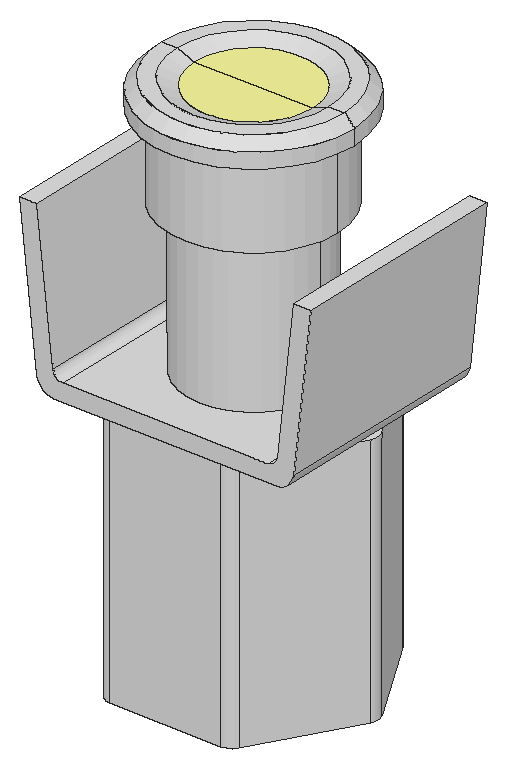
Revit family "0041776", category Lighting Fixtures, host Face, Revit 2017
Family settings
  Host = Face
  Round Connector Dimension = Use Diameter
  Part Type = Normal
  OmniClass Number = 23.80.70.00
  OmniClass Title = Lighting
  Cut with Voids When Loaded = No
  Light Source = Yes
  Shared = No
  Room Calculation Point = No
Parameters (values of type "0041776 SYLSAFE XSPOT OA R EM3 NM DA")
  Weight = "8.0 kg"
  Wattage Comments = ""
  Wattage = 9.2903 W
  WarrantyStartDate [instance] = "n/a"
  WarrantyGuarantorParts = "n/a"
  WarrantyDurationUnit = "n/a"
  WarrantyDurationParts = "n/a"
  WarrantyDescription = "n/a"
  WallThickness_SYL = 5 mm
  built-in parameter 1150110 = 1 (stored number, unit not read)
  Voltage = 0 V
  UnderTheWall1_SYL = 5 mm
  URL = "http://www.sylvania-lighting.com"
  TypeName = "SylSafe XSpot OA R EM3 NM DA"
  Type Image = <None>
  Type Comments = "n/a"
  built-in parameter 1114217 = 1 (stored number, unit not read)
  Tilt Angle = -90.00°
  Thread_SYL = 4 mm
  built-in parameter 1150109 = 1 (stored number, unit not read)
  built-in parameter 1150134 = 3
  built-in parameter 1150113 = 1 (stored number, unit not read)
  SerialNumber [instance] = "n/a"
  R_SYL = 6 mm
  R1_SYL = 5 mm
  Photometric Web File = "0041776.ies"
  OverTheWall_SYL = 1.5 mm
  OverTheWall2_SYL = 20 mm
  Material_3_SYL = Lighting_SYL
  PowerFactor = 0.45
  PowerConsumption = "2.8 W"
  NominalLength = 12 mm
  NominalHeight = 26.5 mm
  NominalDepth = 12 mm
  Name = "SylSafe XSpot OA R EM3 NM DA"
  ModelReference = Name  # "SylSafe XSpot OA R EM3 NM DA"
  ModelNumber = "0041776"
  Model = Name  # "SylSafe XSpot OA R EM3 NM DA"
  Material = "n/a"
  ManufacturerName = "Feilo Sylvania"
  Manufacturer = "Feilo Sylvania"
  LuminousEfficacy = "29 lm/W"
  built-in parameter 1150105 = 109.82 (stored number, unit not read)
  Lumens = 1380 lm
  LuminaireType = ""
  built-in parameter 1150115 = 1 (stored number, unit not read)
  LightOutputRatio = "n/a"
  built-in parameter 1150137 = (empty or 0)
  built-in parameter 1150139 = (empty or 0)
  LampsType = Lamp  # "LED"
  LampW_SYL = 3.5 mm
  LampW1_SYL = 4.5 mm
  LampNominalLuminous = "80 lm"
  LampMacAdamStep = "n/a"
  LampH_SYL = 1.1 mm
  LampColourTemperature = "5700 K"
  LampColourRenderingIndex = "70"
  built-in parameter 1150112 = 1 (stored number, unit not read)
  built-in parameter 1150114 = 1 (stored number, unit not read)
  Lamp = "LED"
  Keynote = "16500"
  InstallationDate [instance] = "n/a"
  InputVoltage = "n/a"
  InputNominalFrequency = "n/a"
  built-in parameter 1150132 = (empty or 0)
  built-in parameter 1150102 = (empty or 0)
  built-in parameter 1150107 = 3200 (stored number, unit not read)
  built-in parameter 1150138 = (empty or 0)
  IngressProtection = "IP20"
  ImpactProtectionIndex = "IK03"
  built-in parameter 1150106 = 1.0982 (stored number, unit not read)
  IfcExportType = "IfcLightFixtureType"
  IfcExportAs = "IfcLightFixtureType"
  FrameWidth_SYL = 8.6 mm
  FrameThickness_SYL = 1 mm
  FrameH_SYL = 10 mm
  FixingThread_SYL = 4 mm
  FixingThickness_SYL = 6.5 mm
  FixingStart_SYL = -(WallThickness_SYL + FrameH_SYL)  # -15 mm
  FixingEnd_SYL = FixingStart_SYL - 15 mm  # -30 mm
  Emit from Line Length = 609.6 mm
  ElectricShockClassification = "Class II"
  built-in parameter 1150104 = 13.8 (stored number, unit not read)
  DocumentationLiterature = "http://www.sylvania-lighting.com/product/en-int/products/0041776"
  DimmingControlOptions = "n/a"
  Material_2_SYL = Lighting_SYL
  Dimming Lamp Color Temperature Shift = <None>
  Description = "SylSafe XSpot OA R EM3 NM DA is a miniature emergency recessed spotlight with small form factor - cut-out diameter: 10mm. Non-maintained 3 hr emergency duration with NiMH rechargeable battery. Recharge period 24 hours. Self testing with DALI monitoring capability. Quick and easy installation with driver module and battery pack contained in articulated case that can placed near the luminaire. Suitable for sheet metal installation. 80lm, 2.8W, IK03, IP20. Power Factor 0.45. Class II electrical construction."
  Default Elevation = 1219.2 mm
  CreatedOn = "2/13/2020"
  CreatedBy = "@sylvania-lighting.com"
  Cost = 0
  Color Filter = 16777215
  built-in parameter 1114216 [instance] = (empty or 0)
  ClassificationValue = "EF_70_80"
  ClassificationName = "Uniclass2015"
  Material_1_SYL = Lighting_SYL
  Chamfer_SYL = 0.6 mm
  BarCode [instance] = "n/a"
  built-in parameter 1114218 = 1 (stored number, unit not read)
  built-in parameter 1150133 = 10 (stored number, unit not read)
  AssetType = "Fixed"
  AssetIdentifier [instance] = "n/a"
  Assembly Code = "D5020200"
  Apparent Load = 2.8 VA
  Material_4_SYL = LEDLamp_SYL
Reference planes
  plane 1 "Center (Front/Back)": y = 0
  plane 2: z = 0
  plane 3 "Center (Left/Right)": x = 0
  plane 4: x = -6
  plane 5: x = -5
  plane 6: x = -5.4
  plane 7: x = -4
  plane 8: z = 1.5
  plane 9: z = 0.9
  plane 10: z = -5
  plane 11: z = -20
  plane 12: z = 1.1
  plane 13: x = -3.5
  plane 14: x = -4.5
  plane 15: z = 0
  plane 16: z = 0
  plane 17: z = 0
  plane 18: z = 0
  plane 19: z = 0
  plane 20: z = 0
  plane 21: z = 0
  plane 22: y = 6.5
  plane 23: y = -6.5
  plane 24: y = 4
  plane 25: z = -5
  plane 26: z = -15
  plane 27: z = -14
  plane 28: x = -8.6
  plane 29: x = -7.6
  plane 30: x = -6.6
Forms (mm)
  Revolve 1, solid, material "Lighting_SYL" <- "Material_3_SYL"
    sketch origin (0, 0, 0) x (1, 0, 0) y (0, 0, 1)
      loop
        line (0, 1.1) -> (-3.5, 1.1) -> (-4.5, 1.5) -> (-5.4, 1.5) -> (-6, 0.9) -> (-6, 0) -> (-5, 0) -> (-5, -5) -> (-4, -5) -> (-4, -20) -> (0, -20) -> (0, 1.1)
      axis (0, 1.5) -> (0, -20)
    angle from 360 to 0
  Extrusion 2, solid, material "Lighting_SYL" <- "Material_1_SYL"
    sketch origin (0, 0, 0) x (1, 0, 0) y (0, 1, 0)
      loop
        line (7.299, 0.4) -> (3.996, 6.1)
        arc (3.996, 6.1) -> (3.703, 6.393) -> (3.303, 6.5) r 0.8
        line (3.303, 6.5) -> (-3.303, 6.5)
        arc (-3.303, 6.5) -> (-3.703, 6.393) -> (-3.996, 6.1) r 0.8
        line (-3.996, 6.1) -> (-7.299, 0.4)
        arc (-7.299, 0.4) -> (-7.406, 0) -> (-7.299, -0.4) r 0.8
        line (-7.299, -0.4) -> (-3.996, -6.1)
        arc (-3.996, -6.1) -> (-3.703, -6.393) -> (-3.303, -6.5) r 0.8
        line (-3.303, -6.5) -> (3.303, -6.5)
        arc (3.303, -6.5) -> (3.703, -6.393) -> (3.996, -6.1) r 0.8
        line (3.996, -6.1) -> (7.299, -0.4)
        arc (7.299, -0.4) -> (7.406, 0) -> (7.299, 0.4) r 0.8
      loop
        circle (0, 0) r 4
    from -30 <- "FixingEnd_SYL" to -15 <- "FixingStart_SYL"
  Extrusion 3, solid, material "Lighting_SYL" <- "Material_2_SYL"
    sketch origin (0, 0, 0) x (1, 0, 0) y (0, 0, 1)
      loop
        line (-8.6, -5) -> (-7.588, -14.11)
        arc (-7.588, -14.11) -> (-7.261, -14.745) -> (-6.594, -15) r 1
        line (-6.594, -15) -> (0, -15) -> (0, -14) -> (-6.063, -14)
        arc (-6.063, -14) -> (-6.463, -13.847) -> (-6.659, -13.466) r 0.6
        line (-6.659, -13.466) -> (-7.6, -5) -> (-8.6, -5)
    from -6.521 to 6.521
  Extrusion 4, solid, material "Lighting_SYL" <- "Material_2_SYL"
    sketch origin (0, 0, 0) x (-1, 0, 0) y (0, 0, -1)
      loop
        line (-8.6, 5) -> (-7.6, 5) -> (-6.659, 13.466)
        arc (-6.659, 13.466) -> (-6.463, 13.847) -> (-6.063, 14) r 0.6
        line (-6.063, 14) -> (0, 14) -> (0, 15) -> (-6.594, 15)
        arc (-6.594, 15) -> (-7.261, 14.745) -> (-7.588, 14.11) r 1
        line (-7.588, 14.11) -> (-8.6, 5)
    from -6.521 to 6.521
Cuts and joins
  joined: Extrusion 3, Extrusion 4
Lines and regions (mm)
  reference lines
    curve 1: line (-8.6, 0, -5) -> (-7.6, 0, -14)
    curve 2: line (-7.6, 0, -5) -> (-6.6, 0, -14)
Dimensions and locks
  "R_SYL": plane 3 "Center (Left/Right)" to plane 4
  "R1_SYL": plane 3 "Center (Left/Right)" to plane 5
  "Chamfer_SYL": plane 6 to plane 4
  "Thread_SYL": plane 3 "Center (Left/Right)" to plane 7
  "OverTheWall_SYL": plane 8 to host face
  "Chamfer_SYL": plane 8 to plane 9
  "UnderTheWall1_SYL": host face to plane 10
  "OverTheWall2_SYL": host face to plane 11
  "LampH_SYL": plane 12 to host face
  "LampW_SYL": plane 3 "Center (Left/Right)" to plane 13
  "LampW1_SYL": plane 3 "Center (Left/Right)" to plane 14
  "FixingThickness_SYL": plane 23 to plane 1 "Center (Front/Back)" to plane 22
  "FixingThread_SYL": plane 1 "Center (Front/Back)" to plane 24
  "WallThickness_SYL": host face to plane 25
  "FrameThickness_SYL": plane 27 to plane 26
  "FrameWidth_SYL": plane 3 "Center (Left/Right)" to plane 28
  "FrameThickness_SYL": plane 29 to plane 28
  locked: plane 30 to plane 29 at 1
  "FrameH_SYL": plane 25 to plane 26
  aligned and locked: plane 2 to host face
  aligned and locked: level to host face
  aligned and locked: Revolve 1 sketch curve to plane 3 "Center (Left/Right)"
  aligned and locked: plane 22 to Extrusion 2
  aligned and locked: plane 23 to Extrusion 2
  aligned and locked: plane 25 to curve 1
  aligned and locked: plane 28 to curve 1
  aligned and locked: plane 27 to curve 1
  aligned and locked: plane 29 to curve 1
  aligned and locked: Extrusion 3 sketch curve to plane 3 "Center (Left/Right)"
  aligned and locked: plane 25 to curve 2
  aligned and locked: plane 29 to curve 2
  aligned and locked: plane 27 to curve 2
  aligned and locked: plane 30 to curve 2
  aligned and locked: Extrusion 3 sketch curve to curve 2
  aligned and locked: Extrusion 3 sketch curve to plane 27
  aligned and locked: plane 25 to Extrusion 3 sketch curve
  aligned and locked: plane 26 to Extrusion 3 sketch curve
  aligned and locked: Extrusion 3 sketch curve to curve 1
Automatic sketch dimensions
  host sketch curve to host sketch curve = 2438.4 mm  (x2)
  Revolve 1 sketch curve to level = 0 mm
  Revolve 1 sketch curve to plane 4 = 0 mm
  Revolve 1 sketch curve to plane 6 = 0 mm
  Revolve 1 sketch curve to plane 5 = 0 mm
  Revolve 1 sketch curve to plane 8 = 0 mm
  Revolve 1 sketch curve to plane 14 = 0 mm
  Revolve 1 sketch curve to plane 7 = 0 mm
  Revolve 1 sketch curve to plane 12 = 0 mm
  Revolve 1 sketch curve to plane 13 = 0 mm
  Revolve 1 sketch curve to plane 3 "Center (Left/Right)" = 0 mm
  Revolve 1 sketch curve to plane 11 = 0 mm
  Revolve 1 sketch curve to plane 10 = 0 mm
  Revolve 1 sketch curve to plane 9 = 0 mm
  plane 11 to Revolve 1 sketch curve = 589.6 mm
  Revolve 1 sketch curve to plane 8 = 2607.558 mm
  plane 1 "Center (Front/Back)" to Extrusion 2 sketch curve = 0 mm  (x3)
  plane 22 to Extrusion 2 sketch curve = 0 mm
  plane 23 to Extrusion 2 sketch curve = 0 mm
  Extrusion 2 sketch curve to plane 3 "Center (Left/Right)" = 0 mm
  plane 13 to Extrusion 2 sketch curve = 0.197 mm  (x2)
  plane 7 to Extrusion 2 sketch curve = 0.004 mm  (x2)
  Extrusion 2 sketch curve to plane 30 = 0.006 mm
  plane 29 to Extrusion 2 sketch curve = 0.301 mm  (x2)
  Extrusion 2 sketch curve to plane 23 = 0.8 mm
  plane 3 "Center (Left/Right)" to Extrusion 2 sketch curve = 3.303 mm  (x2)
  plane 22 to Extrusion 2 sketch curve = 0.8 mm  (x2)
  Extrusion 2 sketch curve to plane 23 = 0.4 mm  (x2)
  plane 22 to Extrusion 2 sketch curve = 0.4 mm
  Extrusion 2 sketch curve to Extrusion 2 sketch curve = 3.303 mm
  plane 1 "Center (Front/Back)" to Extrusion 2 sketch curve = 0.4 mm  (x2)
  Extrusion 2 sketch curve to Extrusion 2 sketch curve = 0.693 mm
  Extrusion 2 sketch curve to plane 1 "Center (Front/Back)" = 0.4 mm
  Extrusion 3 sketch curve to plane 27 = 0 mm
  Extrusion 3 sketch curve to plane 30 = 0.059 mm
  Extrusion 4 sketch curve to plane 10 = 0 mm
  Extrusion 4 sketch curve to plane 27 = 0 mm  (x2)
  Extrusion 4 sketch curve to plane 26 = 0 mm
  Extrusion 4 sketch curve to plane 3 "Center (Left/Right)" = 0 mm
  Extrusion 4 sketch curve to Extrusion 4 sketch curve = 6.063 mm
  Extrusion 4 sketch curve to Extrusion 4 sketch curve = 0.531 mm
  plane 27 to Extrusion 4 sketch curve = 0.534 mm
  Extrusion 4 sketch curve to Extrusion 4 sketch curve = 0.065 mm
  Extrusion 4 sketch curve to plane 27 = 0.11 mm
  radius of Extrusion 2 sketch curve = 4 mm
